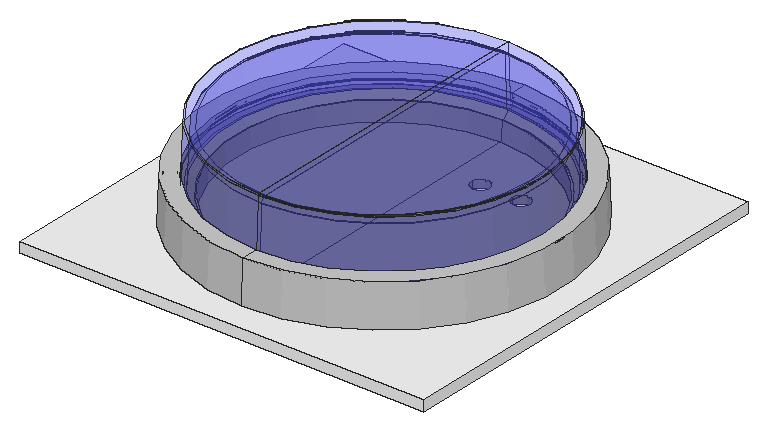
Revit family "BE_24394_de_DE", category Leuchten, Revit 2020
Family settings
  Basisbauteil = Fläche
  Bemaßung runder Anschluss = Durchmesser verwenden
  Teiletyp = Normal
  Beim Laden mit Abzugskörper schneiden = Ja
  Lichtquelle = Ja
  Gemeinsam genutzt = Nein
  Raumberechnungspunkt = Ja
Parameters (values of type "BEGA_24394_Silber_K4")
  built-in parameter 1150104 = 10.67 (stored number, unit not read)
  Wattage = 23.9 W
  Default Elevation = 0 mm
  built-in parameter 1150113 = 1 (stored number, unit not read)
  built-in parameter 1114218 = 1 (stored number, unit not read)
  Umgebungstemperatur = "25 °C"
  URL = "https://www.bega.com/de/produkt/24394"
  Typenkommentare = "© 2022 BEGA. Wir behalten uns das Recht vor, technische Änderungen ohne vorherige Ankündigung vorzunehmen."  # constant formula
  Type Image = 24394.png
  built-in parameter 1150134 = 12
  built-in parameter 1150109 = 1 (stored number, unit not read)
  Strom = ""
  built-in parameter 1150110 = 1 (stored number, unit not read)
  Spannung = 239.996 V
  Sonderanfertigung = no
  Seriennummer [instance] = "Hier können Sie die eindeutige Seriennummer für das Facility Management eintragen."
  Schutzklasse = "I"
  Schutzart = "IP 65"
  Scheinlast = 0 VA
  Produktdatenblatt = "https://cdn.bega.com/bega/products/24394AK3/current/documents/data-sheets/de"
  Oberflächentemperatur = ""
  Neigungswinkel = 0.00°
  Modell = "24394AK4"
  Material_11 = BEGA_Glas_opal
  Material_02 = BEGA_Oberfläche_Silber_matt
  Material_01 [instance] = BEGA_Oberfläche_Grafit_matt
  M_W = no
  M_G = no
  M_A = yes
  Logo = 0
  built-in parameter 1114217 = 1 (stored number, unit not read)
  built-in parameter 1150139 = (empty or 0)
  built-in parameter 1150105 = 218.43 (stored number, unit not read)
  built-in parameter 1150114 = 1 (stored number, unit not read)
  Lumens = 2744.91 lm
  built-in parameter 1150115 = 1 (stored number, unit not read)
  Leuchtenlichtstrom = "2745 lm"
  Leuchtenanzahl = ""
  Lebensdauerkriterien = "L70B50 @ 25 °C = 150000 h"
  Lastklassifizierung = Beleuchtung
  built-in parameter 1150112 = 1 (stored number, unit not read)
  Lampenlichtstrom = "4180 lm"
  Lampe = "LED 23.9 W"
  LED_Modulbezeichnung = "LED-0993/840"
  built-in parameter 1150142 = (empty or 0)
  Hersteller = "BEGA"  # constant formula
  Halbstreuwinkel = ""
  Gewicht = "5.7 kg"
  Gebrauchslageneinschränkung [instance] = ""
  Frequenz = "0/50-60 Hz"
  Farbwiedergabeindex = "CRI > 80"
  Farbtemperaturverschiebung bei Dämpfen der Lampe = <Keine Auswahl>
  Farbtemperatur = "4000 K"
  Color Filter = 16777215
  built-in parameter 1150133 = 10 (stored number, unit not read)
  Energieeffizienzklasse = "LED A++ - A"
  built-in parameter 1150137 = (empty or 0)
  built-in parameter 1150132 = (empty or 0)
  ENEC = "ja"
  Dimmbar [instance] = "DALI"
  Datei für fotometrisches Netz = "BE_24394K4.IES"
  CE_Konformität = "ja"
  Bestellnummer = "24394AK4"
  Beschreibung_Sonderanfertigung = "Hier können Sie Informationen zur Sonderanfertigung eintragen."
  Beschreibung = "Decken- und Wandleuchte"
  built-in parameter 1150106 = 2.1843 (stored number, unit not read)
  Befestigungsbohrung = "Ø 4,5 mm"
  Befestigungsabstand = "325 mm"
  Ballwurfsicher = ""
  BEGA_Intern = yes
  BEGA_Dummy = no
  Anschlussleitung = ""
  Anschlussleistung [instance] = "27.2 W"
  Anschlusskasten = ""
  built-in parameter 1150107 = 4000 (stored number, unit not read)
  built-in parameter 1150102 = (empty or 0)
  built-in parameter 1150138 = (empty or 0)
  Aktualisierung = "2022-07-06T04:00:07"
  Abstand_zur_angestrahlten_Fläche [instance] = ""
  AC/DC = "AC/DC"
Types (4, lengths in mm): name | built-in parameter 1150104 | built-in parameter 1150134 | Modell | M_G | M_A | built-in parameter 1150105 | Lumens | Leuchtenlichtstrom | Lampenlichtstrom | LED_Modulbezeichnung | Farbtemperatur | Datei für fotometrisches Netz | Bestellnummer | built-in parameter 1150106 | built-in parameter 1150107
  BEGA_24394_Silber_K3 | 10.146 (stored number, unit not read) | (empty or 0) | "24394AK3" | no | yes | 207.71 (stored number, unit not read) | 2610.12 lm | "2610 lm" | "3975 lm" | "LED-0993/830" | "3000 K" | "BE_24394K3.IES" | "24394AK3" | 2.0771 (stored number, unit not read) | 3000 (stored number, unit not read)
  BEGA_24394_Grafit_K3 | 10.145 (stored number, unit not read) | (empty or 0) | "24394K3" | yes | no | 207.69 (stored number, unit not read) | 2609.88 lm | "2610 lm" | "3975 lm" | "LED-0993/830" | "3000 K" | "BE_24394K3.IES" | "24394K3" | 2.0769 (stored number, unit not read) | 3000 (stored number, unit not read)
  BEGA_24394_Silber_K4 | 10.67 (stored number, unit not read) | 12 | "24394AK4" | no | yes | 218.43 (stored number, unit not read) | 2744.91 lm | "2745 lm" | "4180 lm" | "LED-0993/840" | "4000 K" | "BE_24394K4.IES" | "24394AK4" | 2.1843 (stored number, unit not read) | 4000 (stored number, unit not read)
  BEGA_24394_Grafit_K4 | 10.67 (stored number, unit not read) | 12 | "24394K4" | yes | no | 218.43 (stored number, unit not read) | 2744.91 lm | "2745 lm" | "4180 lm" | "LED-0993/840" | "4000 K" | "BE_24394K4.IES" | "24394K4" | 2.1843 (stored number, unit not read) | 4000 (stored number, unit not read)
Reference planes
  plane 1 "Mitte (Vorne/Hinten)": y = 0
  plane 2: z = 0
  plane 3 "Mitte (Links/Rechts)": x = 0
  plane 4 "Links": x = -175.4
  plane 5 "Rechts": x = 175.305
  plane 6 "Unten": y = -175.4
  plane 7 "Oben": y = 175.4
  plane 8 "Vorne": z = 99.699
Forms (mm)
  Extrusion 1, solid, material "BEGA_Platte_Weiss"
    sketch origin (0, -1119.2, 0) x (1, 0, 0) y (0, 1, 0)
      loop
        line (-200, 1319.2) -> (-200, 919.2) -> (200, 919.2) -> (200, 1319.2) -> (-200, 1319.2)
    from 0 to -10
  Extrusion 2, solid, material "BEGA_Dummy_matt", visible <- "BEGA_Dummy"
    sketch origin (77.149, -76.023, 0) x (1, 0, 0) y (0, 1, 0)
      loop
        circle (-77.149, 76.023) r 175.4
    from 0 to 99.699
Dimensions and locks
  plane 1 "Mitte (Vorne/Hinten)" to Extrusion 1 = 200 mm
  aligned and locked: Extrusion 1 to plane 2
  aligned and locked: level to Extrusion 1
Nested families
  nested 1: "BE_24394" at (0, 0, 0), type "BE_24394"
Connectors
  electrical at (0, 0, 0), driven by "Lastklassifizierung", driven by "Spannung", driven by "Scheinlast"
    settings: index 1, voltage 239.996 V, apparent load 0 VA, apparent load phase1 0 VA, apparent load phase2 0 VA, apparent load phase3 0 VA, power factor 1, load classification "Beleuchtung", number of poles 1, system type 31, power factor state 1, is connector primary yes, connector utility no, sub classification motor no, connector description ""
Definition of nested family "BE_24394"
  Parameters (values of type "BE_24394")
    Default Elevation = 1 mm
    URL = "http://www.bega.de/de/produkt"
    Type Comments = "© 2015 BEGA. Wir behalten uns das Recht vor, technische Änderungen ohne vorherige Ankündigung vorzunehmen. "  # constant formula
    Type Image = (empty or 0)
    Material_11 = none
    Material_02 = none
    Material_01 = none
    M_W = yes
    M_G = yes
    M_A = yes
    Länge_Platte = 500 mm  # constant formula
    Höhe_Platte = -10 mm  # constant formula
    Manufacturer = "BEGA"  # constant formula
    Breite_Platte = 500 mm  # constant formula
  Reference planes
    plane 1 "Mitte (Oben/Unten)": y = 0
    plane 2: z = 0
    plane 3 "Mitte (Links/Rechts)": x = 0
    plane 4: y = -175.4
    plane 5: y = 175.4
    plane 6: x = 175.305
    plane 7: x = 0
    plane 8: z = 99.699
    plane 9: z = 0
    plane 10: x = -175.4
  Forms (mm)
    Extrusion 1, solid, detail levels medium
      sketch origin (0, 0, 0) x (1, 0, 0) y (0, 1, 0)
        loop
          line (-250, 250) -> (-250, -250) -> (250, -250) -> (250, 250) -> (-250, 250)
      from 0 to -10 <- "Höhe_Platte"
    Revolve 2, solid, material <- "Material_01"
      sketch origin (0, 0, 0) x (0, 1, 0) y (0, 0, 1)
        loop
          line (0, 0) -> (0, 7.2) -> (-144.837, 7.2) -> (-145.5, 26.2) -> (-156, 26.2) -> (-155.794, 20.294) -> (-153, 17.5) -> (-148.2, 17.5) -> (-147.589, 0) -> (0, 0)
        axis (0, 26.2) -> (0, 0)
      angle from 0 to 360
    Revolve 3, solid, material <- "Material_01"
      sketch origin (0, 0, 0) x (1, 0, 0) y (0, 0, 1)
        loop
          line (-156, 26.2) -> (-156.81, 3) -> (-168, 3) -> (-167.895, 0) -> (-153, 0) -> (-152.354, 18.5) -> (-154.979, 26.2) -> (-156, 26.2)
        axis (0, 0) -> (0, 26.2)
      angle from 192.5 to 167.5
    Extrusion 4, void
      sketch origin (0, 0, 0) x (1, 0, 0) y (0, 1, 0)
        loop
          arc (163.508, 20.278) -> (160.986, 22.243) -> (159.021, 19.722) r 2.261
          arc (159.021, 19.722) -> (160.239, 0) -> (159.021, -19.722) r 160.235
          arc (159.021, -19.722) -> (160.986, -22.243) -> (163.508, -20.278) r 2.261
          arc (163.508, -20.278) -> (164.761, 0) -> (163.508, 20.278) r 164.756
      from 0 to 3
    Revolve 5, solid, material <- "Material_01"
      sketch origin (0, 0, 0) x (-1, 0, 0) y (0, 0, 1)
        loop
          line (-156, 26.2) -> (-156.81, 3) -> (-168, 3) -> (-167.895, 0) -> (-153, 0) -> (-152.354, 18.5) -> (-154.979, 26.2) -> (-156, 26.2)
        axis (0, 0) -> (0, 26.2)
      angle from 192.5 to 167.5
    Extrusion 6, void
      sketch origin (0, 0, 0) x (-1, 0, 0) y (0, -1, 0)
        loop
          arc (163.508, -20.278) -> (164.761, 0) -> (163.508, 20.278) r 164.756
          arc (163.508, 20.278) -> (160.986, 22.243) -> (159.021, 19.722) r 2.261
          arc (159.021, 19.722) -> (160.239, 0) -> (159.021, -19.722) r 160.235
          arc (159.021, -19.722) -> (160.986, -22.243) -> (163.508, -20.278) r 2.261
      from 0 to 3
    Revolve 7, solid, material <- "Material_01", visible <- "M_G"
      sketch origin (0, 0, 0) x (0, 1, 0) y (0, 0, 1)
        loop
          line (157.808, 44.7) -> (158, 39.2) -> (160.5, 39.2) -> (165, 34.7) -> (171.841, 34.7) -> (172.4, 2.7) -> (175.4, 2.7) -> (173.933, 44.7) -> (157.808, 44.7)
        axis (0, 44.7) -> (0, 2.7)
      angle from 360 to 0
    Revolve 8, solid, material <- "Material_11"
      sketch origin (0, 0, 0) x (0, 1, 0) y (0, 0, 1)
        loop
          line (-152.188, 32.111) -> (-150.43, 82.457)
          arc (-150.43, 82.457) -> (-148.851, 85.767) -> (-145.439, 87.111) r 5.003
          line (-145.439, 87.111) -> (0, 87.111) -> (0, 92.111) -> (-154.131, 92.111)
          arc (-154.131, 92.111) -> (-154.838, 91.818) -> (-155.131, 91.111) r 1
          line (-155.131, 91.111) -> (-157.016, 37.111) -> (-159, 37.111)
          arc (-159, 37.111) -> (-159.707, 36.818) -> (-160, 36.111) r 1
          line (-160, 36.111) -> (-160, 32.111) -> (-152.188, 32.111)
        axis (0, 92.111) -> (0, 32.111)
      angle from 0 to 360
    Revolve 9, solid, material <- "Material_01"
      sketch origin (0, 0, 0) x (0, 1, 0) y (0, 0, 1)
        loop
          line (161.466, 19.886) -> (161.04, 32.111) -> (154.656, 32.111) -> (147.05, 26.2) -> (159.507, 26.2) -> (159.727, 19.886) -> (161.466, 19.886)
        axis (0, 32.111) -> (0, 19.886)
      angle from 0 to 360
    Revolve 10, solid, material <- "Material_02", visible <- "M_A"
      sketch origin (0, 0, 0) x (0, 1, 0) y (0, 0, 1)
        loop
          line (157.808, 44.7) -> (158, 39.2) -> (160.5, 39.2) -> (165, 34.7) -> (171.841, 34.7) -> (172.4, 2.7) -> (175.4, 2.7) -> (173.933, 44.7) -> (157.808, 44.7)
        axis (0, 44.7) -> (0, 2.7)
      angle from 360 to 0
    Extrusion 11, void
      sketch origin (0, 0, 0) x (-1, 0, 0) y (0, -1, 0)
        loop
          circle (-70.207, -81.794) r 9
        loop
          circle (-30.207, -81.794) r 9
      from 0 to 7.2
  Cuts and joins
    Extrusion 4, Extrusion 6, Extrusion 11 cuts Revolve 2
    Extrusion 4, Extrusion 6, Extrusion 11 cuts Revolve 3
    Extrusion 6, Extrusion 11 cuts Revolve 5
    Extrusion 11 cuts Revolve 9
    joined: Revolve 2, Revolve 3, Revolve 5, Revolve 9
  Dimensions and locks
    equal spacing: Extrusion 1 sketch curve, plane 3 "Mitte (Links/Rechts)", Extrusion 1 sketch curve
    equal spacing: Extrusion 1 sketch curve, plane 1 "Mitte (Oben/Unten)", Extrusion 1 sketch curve
    "Länge_Platte": Extrusion 1 sketch curve to Extrusion 1 sketch curve
    "Breite_Platte": Extrusion 1 sketch curve to Extrusion 1 sketch curve
    aligned and locked: Extrusion 1 to plane 2
    aligned and locked: level to Extrusion 1
    aligned and locked: Revolve 2 sketch curve to level
    aligned and locked: Revolve 2 sketch curve to plane 1 "Mitte (Oben/Unten)"
    aligned and locked: Extrusion 4 to Extrusion 1
    aligned and locked: Extrusion 4 to Revolve 3
    aligned and locked: Revolve 5 to Extrusion 6
    aligned and locked: Extrusion 6 to Extrusion 1
    aligned and locked: plane 1 "Mitte (Oben/Unten)" to Revolve 7 sketch curve
    aligned and locked: plane 1 "Mitte (Oben/Unten)" to Revolve 8 sketch curve
    aligned and locked: level to plane 9
  Automatic sketch dimensions
    Revolve 2 sketch curve to plane 1 "Mitte (Oben/Unten)" = 0 mm
    level to Revolve 2 sketch curve = 7.2 mm
    plane 4 to Revolve 2 sketch curve = 30.564 mm
    Revolve 2 sketch curve to Revolve 2 sketch curve = 0.663 mm
    Revolve 2 sketch curve to Revolve 2 sketch curve = 2.752 mm
    Revolve 2 sketch curve to Revolve 2 sketch curve = 2.7 mm
    Revolve 2 sketch curve to Revolve 2 sketch curve = 4.8 mm
    Revolve 2 sketch curve to Revolve 2 sketch curve = 2.794 mm  (x2)
    Revolve 2 sketch curve to Revolve 2 sketch curve = 0.206 mm
    Revolve 2 sketch curve to Revolve 2 sketch curve = 10.3 mm
    Revolve 2 sketch curve to Revolve 2 sketch curve = 5.906 mm
    Revolve 2 sketch curve to Revolve 2 sketch curve = 1.391 mm
    Revolve 2 sketch curve to Revolve 2 sketch curve = 0.594 mm
    Revolve 3 sketch curve to level = 0 mm
    Revolve 3 sketch curve to plane 3 "Mitte (Links/Rechts)" = 0 mm
    plane 10 to Revolve 3 sketch curve = 23.046 mm
    Revolve 3 sketch curve to Revolve 3 sketch curve = 0.646 mm
    Revolve 3 sketch curve to Revolve 3 sketch curve = 2.625 mm
    Revolve 3 sketch curve to Revolve 3 sketch curve = 1.021 mm
    level to Revolve 3 sketch curve = 3 mm
    Revolve 3 sketch curve to Revolve 3 sketch curve = 3.81 mm
    plane 10 to Revolve 3 sketch curve = 7.505 mm
    Revolve 3 sketch curve to Revolve 3 sketch curve = 0.105 mm
    Revolve 3 sketch curve to Revolve 3 sketch curve = 15.5 mm
    Revolve 3 sketch curve to Revolve 3 sketch curve = 7.7 mm
    Revolve 3 sketch curve to level = 9.585 mm
    Revolve 3 sketch curve to plane 8 = 46.31 mm
    Extrusion 4 sketch curve to plane 1 "Mitte (Oben/Unten)" = 0 mm  (x2)
    plane 3 "Mitte (Links/Rechts)" to Extrusion 4 sketch curve = 0.005 mm
    Extrusion 4 sketch curve to Extrusion 4 sketch curve = 0 mm  (x4)
    plane 6 to Extrusion 4 sketch curve = 14.04 mm  (x2)
    plane 1 "Mitte (Oben/Unten)" to Extrusion 4 sketch curve = 20 mm
    Extrusion 4 sketch curve to plane 1 "Mitte (Oben/Unten)" = 20 mm
    Extrusion 4 sketch curve to Extrusion 4 sketch curve = 2.243 mm
    Revolve 5 sketch curve to level = 0 mm
    Revolve 5 sketch curve to plane 3 "Mitte (Links/Rechts)" = 0 mm
    Revolve 5 sketch curve to plane 6 = 22.951 mm
    Revolve 5 sketch curve to Revolve 5 sketch curve = 0.646 mm
    Revolve 5 sketch curve to Revolve 5 sketch curve = 2.625 mm
    Revolve 5 sketch curve to Revolve 5 sketch curve = 1.021 mm
    Revolve 5 sketch curve to level = 3 mm
    Revolve 5 sketch curve to Revolve 5 sketch curve = 3.81 mm
    Revolve 5 sketch curve to plane 6 = 7.41 mm
    Revolve 5 sketch curve to Revolve 5 sketch curve = 0.105 mm
    Revolve 5 sketch curve to Revolve 5 sketch curve = 15.5 mm
    Revolve 5 sketch curve to Revolve 5 sketch curve = 7.7 mm
    level to Revolve 5 sketch curve = 9.585 mm
    plane 8 to Revolve 5 sketch curve = 46.31 mm
    plane 1 "Mitte (Oben/Unten)" to Extrusion 6 sketch curve = 0 mm  (x2)
    plane 3 "Mitte (Links/Rechts)" to Extrusion 6 sketch curve = 0.005 mm
    Extrusion 6 sketch curve to Extrusion 6 sketch curve = 0 mm  (x4)
    Extrusion 6 sketch curve to plane 10 = 14.135 mm  (x2)
    Extrusion 6 sketch curve to plane 1 "Mitte (Oben/Unten)" = 20 mm
    plane 1 "Mitte (Oben/Unten)" to Extrusion 6 sketch curve = 20 mm
    Extrusion 6 sketch curve to Extrusion 6 sketch curve = 2.243 mm
    Revolve 7 sketch curve to plane 5 = 0 mm
    Revolve 7 sketch curve to plane 5 = 17.592 mm
    Revolve 7 sketch curve to Revolve 7 sketch curve = 0.192 mm
    Revolve 7 sketch curve to Revolve 7 sketch curve = 2.5 mm
    Revolve 7 sketch curve to Revolve 7 sketch curve = 4.5 mm  (x2)
    Revolve 7 sketch curve to plane 5 = 3.559 mm
    Revolve 7 sketch curve to plane 5 = 3 mm
    Revolve 7 sketch curve to plane 5 = 1.467 mm
    level to Revolve 7 sketch curve = 2.7 mm
    Revolve 7 sketch curve to Revolve 7 sketch curve = 32 mm
    Revolve 7 sketch curve to Revolve 7 sketch curve = 10 mm
    Revolve 7 sketch curve to level = 10.3 mm
    Revolve 7 sketch curve to plane 8 = 34.999 mm
    Revolve 8 sketch curve to plane 1 "Mitte (Oben/Unten)" = 0 mm
    Revolve 8 sketch curve to plane 8 = 12.588 mm
    plane 4 to Revolve 8 sketch curve = 29.961 mm
    Revolve 8 sketch curve to plane 8 = 17.243 mm
    Revolve 8 sketch curve to Revolve 8 sketch curve = 4.991 mm
    plane 4 to Revolve 8 sketch curve = 23.212 mm
    Revolve 8 sketch curve to Revolve 8 sketch curve = 3.7 mm
    Revolve 8 sketch curve to plane 8 = 8.588 mm
    Revolve 8 sketch curve to Revolve 8 sketch curve = 1 mm  (x2)
    Revolve 8 sketch curve to Revolve 8 sketch curve = 4.828 mm
    Revolve 8 sketch curve to Revolve 8 sketch curve = 1.984 mm
    level to Revolve 8 sketch curve = 37.111 mm
    Revolve 8 sketch curve to Revolve 8 sketch curve = 5 mm
    Revolve 8 sketch curve to Revolve 8 sketch curve = 25.283 mm
    plane 8 to Revolve 8 sketch curve = 10.262 mm
    Revolve 9 sketch curve to plane 1 "Mitte (Oben/Unten)" = 0 mm
    Revolve 9 sketch curve to plane 5 = 28.35 mm
    Revolve 9 sketch curve to Revolve 9 sketch curve = 7.606 mm
    Revolve 9 sketch curve to Revolve 9 sketch curve = 4.851 mm
    Revolve 9 sketch curve to Revolve 9 sketch curve = 0.22 mm
    Revolve 9 sketch curve to Revolve 9 sketch curve = 1.533 mm
    Revolve 9 sketch curve to Revolve 9 sketch curve = 1.739 mm
    level to Revolve 9 sketch curve = 19.886 mm
    Revolve 9 sketch curve to Revolve 9 sketch curve = 6.314 mm
    Revolve 9 sketch curve to Revolve 9 sketch curve = 5.911 mm
    Revolve 9 sketch curve to level = 12.62 mm
    Revolve 9 sketch curve to plane 8 = 37.32 mm
    Revolve 10 sketch curve to plane 1 "Mitte (Oben/Unten)" = 0 mm
    Revolve 10 sketch curve to plane 5 = 0 mm
    Revolve 10 sketch curve to plane 5 = 17.592 mm
    Revolve 10 sketch curve to Revolve 10 sketch curve = 0.192 mm
    Revolve 10 sketch curve to Revolve 10 sketch curve = 2.5 mm
    Revolve 10 sketch curve to Revolve 10 sketch curve = 4.5 mm  (x2)
    Revolve 10 sketch curve to plane 5 = 3.559 mm
    Revolve 10 sketch curve to plane 5 = 3 mm
    Revolve 10 sketch curve to plane 5 = 1.467 mm
    level to Revolve 10 sketch curve = 2.7 mm
    Revolve 10 sketch curve to Revolve 10 sketch curve = 32 mm
    Revolve 10 sketch curve to Revolve 10 sketch curve = 10 mm
    Revolve 10 sketch curve to level = 10.3 mm
    Revolve 10 sketch curve to plane 8 = 34.999 mm
    plane 3 "Mitte (Links/Rechts)" to Extrusion 11 sketch curve = 70.207 mm
    plane 3 "Mitte (Links/Rechts)" to Extrusion 11 sketch curve = 30.207 mm
    Extrusion 11 sketch curve to plane 1 "Mitte (Oben/Unten)" = 81.794 mm
    Extrusion 11 sketch curve to Extrusion 11 sketch curve = 0 mm
    radius of Extrusion 11 sketch curve = 9 mm  (x2)
